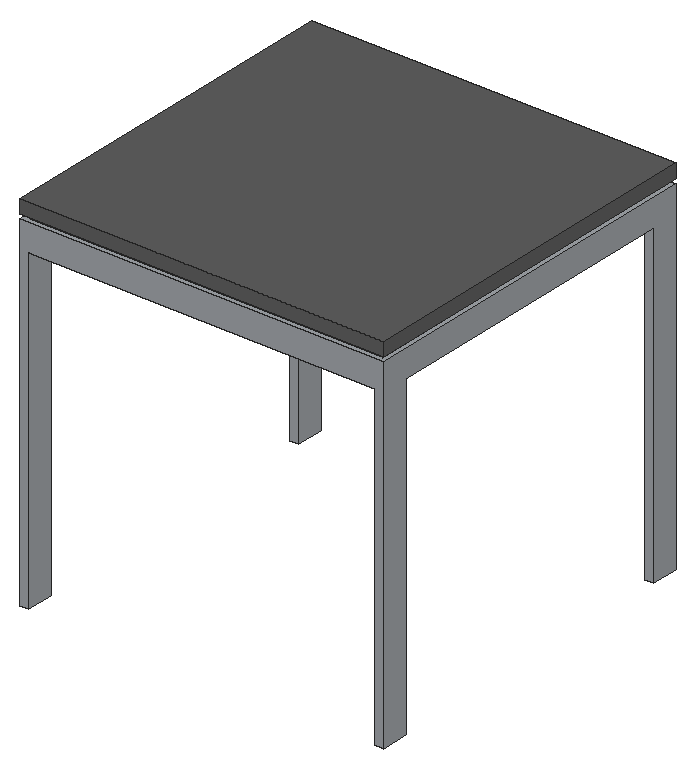
Revit family
Parameters
  URL = "http://www.martinbrattrud.com"
  Table Top [instance] = none
  SCS Certified Product = "Yes"
  Model = "Lundin 1006-20SH"
  Manufacturer = "Martin Brattrud, Inc."
  Leg [instance] = none
  Keynote = "125000"
  Copyright = "© 2013 Martin Brattrud, Inc."
  Authoring Version = "Revit Architecture 2010"
  Assembly Code = "E2020200"
Reference planes (in)
  plane 1 "Center Front/Back": y = 0
  plane 2: z = 0
  plane 3 "Center Left/Right": x = 0
  plane 4: x = -10
  plane 5: x = 10
  plane 6: y = 10
  plane 7: y = -10
Forms (in)
  Extrusion 1, solid, material <- "Table Top"
    sketch origin (0, 0, 0) x (1, 0, 0) y (0, 1, 0)
      loop
        line (-10, 10) -> (-10, -10) -> (10, -10) -> (10, 10) -> (-10, 10)
    from 19.25 to 20
  Extrusion 2, solid, material <- "Table Top"
    sketch origin (0, 0, 0) x (1, 0, 0) y (0, 1, 0)
      loop
        line (9.6875, 9.6875) -> (-9.6875, 9.6875) -> (-9.6875, -9.6875) -> (9.6875, -9.6875) -> (9.6875, 9.6875)
    from 18.5217 to 19.25
  Extrusion 3, solid, material <- "Leg"
    sketch origin (2, 0, 0) x (0, 1, 0) y (0, 0, -1)
      loop
        line (10, 0) -> (8.5, 0) -> (8.5, -17.5) -> (-8.5, -17.5) -> (-8.5, 0) -> (-10, 0) -> (-10, -19) -> (10, -19) -> (10, 0)
    from 11.5 to 12
  Extrusion 4, solid, material <- "Leg"
    sketch origin (0, 0, 0) x (0, 1, 0) y (0, 0, 1)
      loop
        line (10, 19) -> (9.5, 19) -> (9.5, 17.5) -> (10, 17.5) -> (10, 19)
      loop
        line (-10, 19) -> (-10, 17.5) -> (-9.5, 17.5) -> (-9.5, 19) -> (-10, 19)
    from -10 to 10
  Extrusion 5, solid, material <- "Leg"
    sketch origin (-2, 0, 0) x (0, 1, 0) y (0, 0, 1)
      loop
        line (10, 0) -> (10, 19) -> (-10, 19) -> (-10, 0) -> (-8.5, 0) -> (-8.5, 17.5) -> (8.5, 17.5) -> (8.5, 0) -> (10, 0)
    from 11.5 to 12
Cuts and joins
  joined: Extrusion 3, Extrusion 4, Extrusion 5
